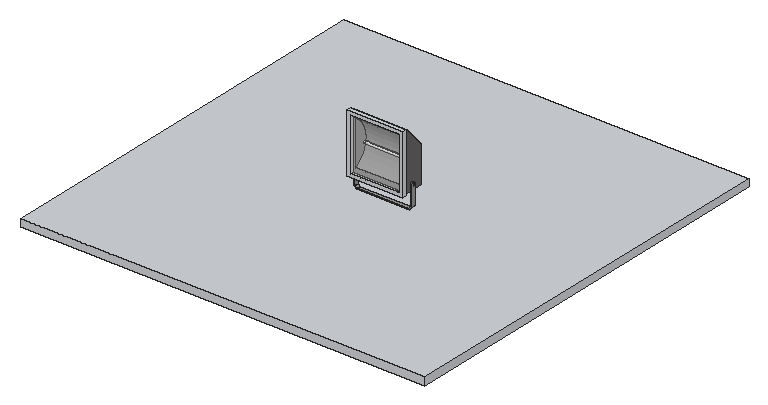
Revit family "844N070MS", category Lighting Fixtures, host Face, Revit 2014
Parameters (values of type "844N/070/MS")
  Wings = Paint - Hubbell - Light Silver
  Width = 150.00 mm
  Watts = 70 W
  Wattage Comments = "70W"
  Wattage = 70 W
  Warranty = "5 years Warranty"  # constant formula
  built-in parameter 1150110 = 1 (stored number, unit not read)
  Voltage = 120 V
  URL = "https://www.hubbell.com/chalmit/en"
  built-in parameter 1114217 = 1 (stored number, unit not read)
  Tilt Angle = -30.00°
  built-in parameter 1150109 = 1 (stored number, unit not read)
  built-in parameter 1150134 = 3
  built-in parameter 1150113 = 1 (stored number, unit not read)
  Reflector Finish = Hubbell - White Glass
  Product Link = "https://www.hubbell.com/chalmit/en/Products/Lighting-Controls/Harsh-Hazardous-Lighting/Flood-Lighting/800-Series/p/866085"
  Product Documentation Link = "https://hubbellcdn.com/specsheet/CHL_800_SERIES_FLOODLIGHT_ZONE2.pdf"
  Power Factor = 1
  Photometric Web File = "CHL_844N_070_MS HPS.ies"
  Pendent Height [instance] = 97.00 mm
  built-in parameter 1150142 = "IESNA:LM-63-1995\r\n[TEST]42/669-1/04.95\r\n[DATE]APR-95\r\n[MANUFAC]Chalmit Lighting\r\n[LUMCAT]844N/070/MS\r\n[LUMINAIRE]800 Series Asymmetric Wide Beam Floodlight\r\n[LAMP]70W SON-T\r\n[_ASYM]24\r\n[_LUMTYPE]Floodlight\r\n[_LAMPTYPE]HID\r\n[_LAMPMORE]Clear Tubular High Pressure Sodium, E27\r\n[_HAZRATING]Zone 2, Zone 22\r\n[_HAZPRO]Ex nR, ATEX, GB, GOST, CEPEL\r\n[_ENVIRORATING]IP66, IP67\r\n[_AMBIENT]-40Â°C to +40Â°C (T4)\r\n[_MOUNT]Surface, Ceiling, Wall, Stirrup\r\n[_KEYWORDS]Pole, Column, Mast, Wire Guard, Spigot, HPS\r\n[_DRAWFILE]844.dwg\r\n \r\n \r\n \r\nTILT=NONE\r\n1 5900 1 69 19 2 2 0.3 0.3 0.0\r\n1 1 84\r\n-90 -85 -80 -75 -70 -65 -60 -55 -50 -45 -40 -35 -30 -25 -20 -15 -10 -5 0 5 10\r\n 11 12 13 14 15 16 17 18 19 20 21 22 23 24 25 26 27 28 29 30 31 32 33 34 35 36\r\n 37 38 39 40 41 42 43 44 45 46 47 48 49 50 55 60 65 70 75 80 85 90\r\n0 5 10 15 20 25 30 35 40 45 50 55 60 65 70 75 80 85 90\r\n0 0 0 0 11.8 23.6 35.4 59 94.4 135.7 182.9 236 796.5 820.1 837.8 820.1 790.6\r\n 796.5 896.8 1103.3 1492.7 1593 1734.6 1846.7 1994.2 2171.2 2336.4 2513.4\r\n 2678.6 2861.5 3020.8 3174.2 3321.7 3416.1 3534.1 3604.9 3675.7 3734.7 3758.3\r\n 3770.1 3740.6 3717 3693.4 3669.8 3634.4 3587.2 3540 3463.3 3368.9 3280.4\r\n 3144.7 3038.5 2855.6 2672.7 2501.6 2289.2 2171.2 1976.5 1834.9 1681.5 1551.7\r\n 1044.3 772.9 542.8 53.1 23.6 11.8 5.9 0\r\n0 0 0 0 11.8 17.7 35.4 64.9 94.4 135.7 188.8 236 784.7 820.1 837.8 820.1 790.6\r\n 802.4 914.5 1150.5 1534 1640.2 1829 1941.1 2065 2259.7 2395.4 2613.7 2737.6\r\n 2932.3 3097.5 3215.5 3392.5 3469.2 3581.3 3640.3 3699.3 3752.4 3752.4 3758.3\r\n 3728.8 3711.1 3687.5 3658 3610.8 3557.7 3510.5 3433.8 3315.8 3215.5 3062.1\r\n 2967.7 2778.9 2590.1 2454.4 2212.5 2118.1 1911.6 1781.8 1634.3 1522.2 1032.5\r\n 761.1 536.9 53.1 23.6 11.8 5.9 0\r\n0 0 0 0 11.8 17.7 35.4 64.9 94.4 129.8 182.9 230.1 743.4 808.3 820.1 802.4\r\n 778.8 790.6 920.4 1162.3 1575.3 1716.9 1840.8 2011.9 2177.1 2324.6 2519.3\r\n 2678.6 2879.2 3014.9 3156.5 3333.5 3451.5 3551.8 3646.2 3699.3 3740.6 3764.2\r\n 3770.1 3758.3 3734.7 3705.2 3669.8 3640.3 3587.2 3516.4 3451.5 3363 3250.9\r\n 3121.1 3003.1 2832 2672.7 2483.9 2318.7 2159.4 1994.2 1834.9 1681.5 1557.6\r\n 1451.4 997.1 737.5 507.4 53.1 23.6 11.8 5.9 0\r\n0 0 0 0 11.8 17.7 35.4 59 88.5 123.9 171.1 218.3 672.6 790.6 802.4 790.6 767\r\n 778.8 908.6 1209.5 1675.6 1752.3 1947 2118.1 2289.2 2454.4 2660.9 2849.7\r\n 3014.9 3180.1 3333.5 3457.4 3575.4 3663.9 3728.8 3781.9 3805.5 3799.6 3787.8\r\n 3758.3 3722.9 3687.5 3646.2 3593.1 3534.1 3463.3 3368.9 3274.5 3132.9 2997.2\r\n 2879.2 2684.5 2507.5 2330.5 2183 2029.6 1864.4 1699.2 1569.4 1463.2 1386.5\r\n 961.7 713.9 454.3 47.2 23.6 11.8 5.9 0\r\n0 0 0 0 5.9 17.7 29.5 53.1 82.6 118 159.3 206.5 560.5 761.1 784.7 772.9 749.3\r\n 761.1 908.6 1239 1799.5 1941.1 2100.4 2295.1 2489.8 2684.5 2861.5 3073.9\r\n 3233.2 3380.7 3504.6 3658 3728.8 3781.9 3823.2 3858.6 3846.8 3829.1 3787.8\r\n 3740.6 3687.5 3646.2 3581.3 3516.4 3445.6 3351.2 3239.1 3103.4 2967.7 2832\r\n 2660.9 2472.1 2312.8 2141.7 1994.2 1846.7 1699.2 1569.4 1439.6 1368.8 1280.3\r\n 914.5 672.6 401.2 47.2 23.6 11.8 5.9 0\r\n0 0 0 0 5.9 17.7 29.5 47.2 76.7 106.2 141.6 188.8 383.5 708 737.5 737.5 719.8\r\n 737.5 902.7 1262.6 1917.5 2094.5 2242 2519.3 2666.8 2902.8 3085.7 3256.8\r\n 3392.5 3551.8 3663.9 3758.3 3817.3 3852.7 3858.6 3852.7 3811.4 3776 3717\r\n 3663.9 3604.9 3545.9 3475.1 3380.7 3280.4 3162.4 3009 2837.9 2714 2525.2\r\n 2365.9 2212.5 2047.3 1905.7 1775.9 1469.1 1522.2 1392.4 1315.7 1233.1 1156.4\r\n 855.5 631.3 318.6 41.3 23.6 11.8 5.9 0\r\n0 0 0 0 5.9 11.8 23.6 41.3 64.9 88.5 123.9 153.4 230.1 525.1 678.5 690.3 684.4\r\n 708 843.7 1215.4 1923.4 2106.3 2354.1 2584.2 2767.1 3009 3197.8 3345.3 3475.1\r\n 3587.2 3669.8 3728.8 3746.5 3776 3752.4 3711.1 3658 3599 3545.9 3481 3416.1\r\n 3351.2 3250.9 3127 3038.5 2826.1 2643.2 2525.2 2312.8 2159.4 2047.3 1882.1\r\n 1764.1 1722.8 1209.5 1427.8 1303.9 1250.8 1174.1 1091.5 1014.8 778.8 584.1\r\n 230.1 35.4 17.7 11.8 5.9 0\r\n0 0 0 0 5.9 11.8 17.7 35.4 53.1 70.8 100.3 123.9 147.5 218.3 619.5 649 666.7\r\n 702.1 826 1221.3 1994.2 2200.7 2436.7 2655 2879.2 3050.3 3215.5 3315.8 3416.1\r\n 3481 3534.1 3540 3540 3510.5 3481 3445.6 3386.6 3333.5 3268.6 3209.6 3121.1\r\n 2973.6 2837.9 2761.2 2560.6 2383.6 2259.7 2076.8 1923.4 1799.5 1675.6 1563.5\r\n 1480.9 1244.9 1262.6 1203.6 1132.8 1062 991.2 920.4 873.2 702.1 513.3 129.8\r\n 29.5 17.7 11.8 5.9 0\r\n0 0 0 0 0 5.9 17.7 23.6 41.3 59 70.8 94.4 106.2 118 501.5 566.4 625.4 649 708\r\n 1038.4 1852.6 2017.8 2253.8 2454.4 2607.8 2773 2908.7 2997.2 3073.9 3115.2\r\n 3144.7 3144.7 3138.8 3127 3115.2 3073.9 3026.7 2938.2 2843.8 2708.1 2566.5\r\n 2448.5 2324.6 2177.1 2047.3 1899.8 1770 1652 1557.6 1457.3 1374.7 1286.2 1180\r\n 1126.9 1062 997.1 932.2 873.2 820.1 790.6 761.1 572.3 401.2 41.3 23.6 17.7\r\n 11.8 5.9 0\r\n0 0 0 0 0 5.9 11.8 5.9 17.7 41.3 53.1 64.9 70.8 82.6 206.5 501.5 548.7 595.9\r\n 637.2 902.7 1587.1 1711 1911.6 2041.4 2165.3 2271.5 2342.3 2424.9 2472.1\r\n 2513.4 2548.8 2584.2 2601.9 2590.1 2548.8 2483.9 2401.3 2306.9 2188.9 2076.8\r\n 1964.7 1846.7 1734.6 1616.6 1504.5 1421.9 1345.2 1274.4 1197.7 1126.9 1044.3\r\n 1008.9 955.8 908.6 855.5 808.3 761.1 731.6 696.2 666.7 637.2 418.9 241.9 35.4\r\n 17.7 11.8 5.9 0 0\r\n0 0 0 0 0 0 5.9 11.8 23.6 29.5 41.3 41.3 47.2 53.1 64.9 289.1 460.2 495.6 531\r\n 749.3 1221.3 1339.3 1421.9 1522.2 1587.1 1652 1722.8 1758.2 1799.5 1840.8\r\n 1882.1 1893.9 1882.1 1870.3 1781.8 1722.8 1681.5 1598.9 1516.3 1445.5 1357\r\n 1280.3 1221.3 1180 1109.2 1038.4 979.4 914.5 902.7 855.5 808.3 761.1 725.7\r\n 702.1 672.6 643.1 619.5 590 560.5 495.6 324.5 283.2 70.8 29.5 17.7 11.8 5.9 0\r\n 0\r\n0 0 0 0 0 0 5.9 5.9 11.8 17.7 23.6 29.5 29.5 35.4 47.2 70.8 377.6 401.2 377.6\r\n 548.7 831.9 896.8 949.9 997.1 1038.4 1091.5 1103.3 1121 1144.6 1144.6 1121\r\n 1109.2 1132.8 1115.1 1079.7 1079.7 1044.3 997.1 955.8 920.4 873.2 867.3 831.9\r\n 784.7 737.5 719.8 696.2 666.7 643.1 625.4 619.5 590 560.5 531 507.4 477.9\r\n 436.6 359.9 289.1 218.3 147.5 141.6 35.4 23.6 11.8 11.8 5.9 0 0\r\n0 0 0 0 0 0 0 5.9 5.9 11.8 11.8 17.7 17.7 17.7 23.6 35.4 177 224.2 200.6 295\r\n 460.2 495.6 525.1 560.5 584.1 595.9 607.7 619.5 625.4 643.1 654.9 649 643.1\r\n 649 637.2 625.4 601.8 584.1 584.1 578.2 584.1 578.2 560.5 542.8 525.1 507.4\r\n 265.5 283.2 306.8 324.5 348.1 424.8 359.9 318.6 253.7 182.9 118 53.1 53.1 70.8\r\n 64.9 35.4 23.6 17.7 11.8 5.9 5.9 0 0\r\n0 0 0 0 0 0 0 0 0 5.9 5.9 5.9 5.9 11.8 11.8 17.7 23.6 53.1 59 100.3 212.4 230.1\r\n 241.9 253.7 265.5 271.4 283.2 289.1 289.1 295 306.8 324.5 330.4 336.3 354\r\n 371.7 401.2 224.2 247.8 277.3 300.9 330.4 324.5 295 224.2 147.5 76.7 70.8 64.9\r\n 236 171.1 106.2 47.2 35.4 35.4 35.4 35.4 29.5 23.6 23.6 23.6 17.7 17.7 11.8\r\n 5.9 5.9 5.9 0 0\r\n0 0 0 0 0 0 0 0 0 0 0 0 0 0 0 5.9 5.9 5.9 17.7 41.3 76.7 76.7 64.9 53.1 41.3\r\n 35.4 41.3 59 76.7 94.4 100.3 100.3 106.2 265.5 182.9 106.2 35.4 35.4 29.5 29.5\r\n 70.8 29.5 29.5 29.5 23.6 23.6 23.6 23.6 23.6 23.6 17.7 17.7 17.7 17.7 17.7\r\n 17.7 11.8 17.7 11.8 11.8 11.8 11.8 11.8 5.9 5.9 0 0 0 0\r\n0 0 0 0 0 0 0 0 0 0 0 0 0 0 0 0 0 0 11.8 11.8 11.8 5.9 5.9 5.9 5.9 5.9 5.9 5.9\r\n 5.9 5.9 5.9 11.8 5.9 5.9 5.9 5.9 5.9 5.9 5.9 5.9 5.9 5.9 11.8 5.9 5.9 5.9 5.9\r\n 5.9 5.9 5.9 5.9 5.9 5.9 5.9 5.9 5.9 5.9 5.9 5.9 5.9 5.9 5.9 5.9 5.9 0 0 0 0 0\r\n0 0 0 0 0 0 0 0 0 0 0 0 0 0 0 0 0 0 0 5.9 0 0 0 0 0 0 0 0 0 0 0 0 0 0 0 0 0 0 0\r\n 0 0 0 0 0 5.9 5.9 0 0 0 0 0 0 0 0 0 5.9 5.9 5.9 0 0 0 0 0 0 0 0 0 0 0\r\n0 0 0 0 0 0 0 0 0 0 0 0 0 0 0 0 0 0 0 0 0 0 0 0 0 0 0 0 0 0 0 0 0 0 0 0 0 0 0 0\r\n 0 0 0 0 0 0 0 0 0 0 0 0 0 0 0 0 0 0 0 0 0 0 0 0 0 0 0 0 0\r\n0 0 0 0 0 0 0 0 0 0 0 0 0 0 0 0 0 0 0 0 0 0 0 0 0 0 0 0 0 0 0 0 0 0 0 0 0 0 0 0\r\n 0 0 0 0 0 0 0 0 0 0 0 0 0 0 0 0 0 0 0 0 0 0 0 0 0 0 0 0 0\r\n\r\n"
  Mounting = Paint - Hubbell - Light Silver
  Model = "844N/070/MS"
  Manufacturer = "Chalmit"  # constant formula
  built-in parameter 1150105 = 557.04 (stored number, unit not read)
  Lumens = 7000 lm
  built-in parameter 1150115 = 1 (stored number, unit not read)
  Load Classification = Lighting
  built-in parameter 1150137 = (empty or 0)
  built-in parameter 1150139 = (empty or 0)
  Length = 348.00 mm
  built-in parameter 1150112 = 1 (stored number, unit not read)
  built-in parameter 1150114 = 1 (stored number, unit not read)
  Lamp = "LED"  # constant formula
  built-in parameter 1150132 = (empty or 0)
  built-in parameter 1150102 = (empty or 0)
  built-in parameter 1150107 = 3200 (stored number, unit not read)
  built-in parameter 1150138 = (empty or 0)
  built-in parameter 1150106 = 5.5704 (stored number, unit not read)
  IP Rating = "IP66/67"  # constant formula
  Housing Material = Paint - Hubbell - Textured Camera Black
  Glass = Hubbell - Glass
  Fixture distribution = "Direct"  # constant formula
  Features = "Photometrically superior\r\nasymmetric reflector\r\nMarine grade stainless steel body\r\nand toughened glass cover\r\nQuick release fasteners\r\nfor ease of relamping\r\nand maintenance\r\nSuspended cover front\r\nSuitable for low temperature\r\napplications (-40°C)\r\nStandard control gear for use\r\nwith IEC lamps"  # constant formula
  Emit from Rectangle Width = Length - 20.00 mm  # 328.00 mm
  Emit from Rectangle Length = 300.00 mm  # constant formula
  Emit Shape Visible in Rendering = no
  built-in parameter 1150104 = 9.2903 (stored number, unit not read)
  Height = 443.00 mm
  Dimming Lamp Color Temperature Shift = <None>
  Description = "The 800 series is a range of stainless steel asymmetrical floodlights. These floods are designed for optimum light output and efficiency to ensure the minimum number of luminaires is required.Its suitable for low temperature applications (-40°C).\r\n\r\nPhotometrically superior asymmetric reflector.\r\nMarine grade stainless steel body and toughened glass cover.\r\nSuspended cover front.\r\nStandard control gear for use with IEC lamps.\r\nThe 800 series is a premium range of stainless steel bodied asymmetrical beam floodlights suitable for tubular HPS and metal halide lamps from 70W to 400W and also 500W tungsten-halogen. Click the 'Contact Us' link above to get in touch with us and discuss how the 800 series range could work"  # constant formula
  Default Elevation = 1219.20 mm
  Copyright = " ©2020 Chalmit, a division of Hubbell Lighting, Inc"  # constant formula
  Contact = "https://www.hubbell.com/chalmit/en/contactUs"
  Connector Description = "Lighting Connector"  # constant formula
  Color Filter = 16777215
  built-in parameter 1114218 = 1 (stored number, unit not read)
  built-in parameter 1150133 = 10 (stored number, unit not read)
  Assembly Code = "D5020200"
  Apparent Load = Watts / Power Factor  # 70 VA
Reference planes
  plane 1 "Center (Front/Back)": y = 0
  plane 2: z = 14.125
  plane 3 "Center (Left/Right)": x = 0
  plane 4: z = 457.125
  plane 5: z = -150.375
  plane 6: y = 75
  plane 7: y = -75
  plane 8: x = 174
  plane 9: x = -174
Forms (mm)
  Extrusion 1, solid
    sketch origin (0, 0, 0) x (1, 0, 0) y (0, 1, 0)
      loop
        line (-1219.2, 1219.2) -> (-1219.2, -1219.2) -> (1219.2, -1219.2) -> (1219.2, 1219.2) -> (-1219.2, 1219.2)
    from 14.125 to -31.75
  Sweep 2, solid, material "Paint - Hubbell - Light Silver" <- "Mounting"
    path origin (0, 0, 0) x (1, 0, 0) y (0, 0, 1)
      loop
        line (-174, 154.125) -> (-174, 29.125) -> (-159, 14.125) -> (0, 14.125) -> (159, 14.125) -> (174, 29.125) -> (174, 154.125)
    profile origin (-174, 0, 91.625) x (0, -1, 0) y (1, 0, 0)
      loop
        line (0, 0) -> (10, 0) -> (10, 5) -> (-10, 5) -> (-10, 0) -> (0, 0)
  Extrusion 3, solid, material "Paint - Hubbell - Textured Camera Black" <- "Housing Material"
    sketch origin (0, 0, 0) x (0, -1, 0) y (0, 0, -1)
      loop
        line (50.655, -114.125) -> (-75, -114.125) -> (-75, -331.21) -> (30.655, -457.125) -> (50.655, -457.125) -> (50.655, -114.125)
    from -161.896 to 161.389
  Sweep 4, solid
    path origin (0, 0, 0) x (1, 0, 0) y (0, 0, 1)
      loop
        line (-161.896, 457.125) -> (-161.896, 114.125) -> (161.389, 114.125) -> (161.389, 457.125) -> (-161.896, 457.125)
    profile origin (-0.253, 0, 457.125) x (0, 0, 1) y (0, -1, 0)
      loop
        line (2.25, 45) -> (6.25, 45) -> (6.25, 69) -> (-13.75, 69) -> (-13.75, 45) -> (2.25, 45)
  Extrusion 5, void
    sketch origin (0, -2.5, 0) x (0, 1, 0) y (0, 0, 1)
      loop
        line (-58.155, 432.794) -> (-58.155, 151.456)
        arc (-58.155, 151.456) -> (23.752, 292.125) -> (-58.155, 432.794) r 161.747
    from -130.126 to 135.043
  Revolve 6, solid, material "Hubbell - White Glass" <- "Reflector Finish"
    sketch origin (0, 0, 0) x (1, 0, 0) y (0, 0, 1)
      loop
        line (135.043, 276.97) -> (135.043, 281.97)
        arc (135.043, 281.97) -> (132.543, 284.47) -> (130.043, 281.97) r 2.5
        arc (130.043, 281.97) -> (128.518, 280.446) -> (126.994, 281.97) r 1.524
        arc (126.994, 281.97) -> (125.958, 284.47) -> (123.458, 285.506) r 3.536
        line (123.458, 285.506) -> (-106.542, 285.506)
        arc (-106.542, 285.506) -> (-109.042, 284.47) -> (-110.077, 281.97) r 3.536
        arc (-110.077, 281.97) -> (-111.602, 280.446) -> (-113.126, 281.97) r 1.524
        arc (-113.126, 281.97) -> (-115.626, 284.47) -> (-118.126, 281.97) r 2.5
        line (-118.126, 281.97) -> (-118.126, 276.97) -> (135.043, 276.97)
      axis (135.043, 276.97) -> (-118.126, 276.97)
    angle from 0 to 360
  Extrusion 7, solid, material "Hubbell - Glass" <- "Glass"
    sketch origin (0, 0, 0) x (1, 0, 0) y (0, 0, 1)
      loop
        line (-148.146, 443.375) -> (-148.146, 127.875) -> (147.639, 127.875) -> (147.639, 443.375) -> (-148.146, 443.375)
    from 69.733 to 69
  Revolve 8, solid, material "Paint - Hubbell - Textured Camera Black" <- "Housing Material"
    sketch origin (0, 0, 150) x (1, 0, 0) y (0, 1, 0)
      loop
        line (161.389, 0) -> (169, 0) -> (169, 10.815)
        arc (169, 10.815) -> (168.602, 11.775) -> (167.642, 12.172) r 1.358
        line (167.642, 12.172) -> (161.389, 12.172) -> (161.389, 0)
      axis (169, 0) -> (161.389, 0)
    angle from 0 to 360
  Revolve 9, solid, material "Paint - Hubbell - Textured Camera Black" <- "Housing Material"
    sketch origin (0, 0, 150) x (-1, 0, 0) y (0, -1, 0)
      loop
        line (161.389, 0) -> (161.389, -12.172) -> (167.642, -12.172)
        arc (167.642, -12.172) -> (168.602, -11.775) -> (169, -10.815) r 1.358
        line (169, -10.815) -> (169, 0) -> (161.389, 0)
      axis (169, 0) -> (161.389, 0)
    angle from 0 to 360
  Revolve 10, solid, material "Paint - Hubbell - Light Silver" <- "Mounting"
    sketch origin (0, 0, 150) x (1, 0, 0) y (0, 1, 0)
      loop
        line (174, 0) -> (175.646, 0) -> (175.646, 4.121)
        arc (175.646, 4.121) -> (175.434, 4.632) -> (174.923, 4.844) r 0.723
        line (174.923, 4.844) -> (174, 4.844) -> (174, 0)
      axis (175.646, 0) -> (174, 0)
    angle from 0 to 360
  Revolve 11, solid, material "Paint - Hubbell - Light Silver" <- "Mounting"
    sketch origin (0, 0, 150) x (-1, 0, 0) y (0, -1, 0)
      loop
        line (174, 0) -> (174, -4.844) -> (174.923, -4.844)
        arc (174.923, -4.844) -> (175.434, -4.632) -> (175.646, -4.121) r 0.723
        line (175.646, -4.121) -> (175.646, 0) -> (174, 0)
      axis (175.646, 0) -> (174, 0)
    angle from 0 to 360
Cuts and joins
  Extrusion 5 cuts Extrusion 3
  joined: Extrusion 3, Revolve 8, Revolve 9
  joined: Sweep 2, Revolve 10
Dimensions and locks
  "Height": plane 2 to plane 4
  plane 2 to plane 5 = 164.50 mm
  "Length": plane 8 to plane 9
  equal spacing: plane 8, plane 3 "Center (Left/Right)", plane 9
  "Width": plane 6 to plane 7
  equal spacing: plane 6, plane 1 "Center (Front/Back)", plane 7
  aligned and locked: plane 2 to Extrusion 1
  aligned and locked: Extrusion 7 to Sweep 4  (x4)
Automatic sketch dimensions
  Extrusion 1 sketch curve to Extrusion 1 sketch curve = 2438.40 mm  (x2)
  Sweep 2 sketch curve to plane 9 = 0.00 mm
  Sweep 2 sketch curve to plane 2 = 0.00 mm
  Sweep 2 sketch curve to plane 3 "Center (Left/Right)" = 0.00 mm
  Sweep 2 sketch curve to plane 8 = 0.00 mm
  plane 9 to Sweep 2 sketch curve = 15.00 mm
  Sweep 2 sketch curve to plane 8 = 15.00 mm
  plane 2 to Sweep 2 sketch curve = 15.00 mm  (x2)
  Sweep 2 sketch curve to Sweep 2 sketch curve = 125.00 mm  (x2)
  Sweep 2 sketch curve to profile plane = 0.00 mm
  plane 1 "Center (Front/Back)" to Sweep 2 sketch curve = 0.00 mm
  Sweep 2 sketch curve to plane 1 "Center (Front/Back)" = 10.00 mm
  plane 1 "Center (Front/Back)" to Sweep 2 sketch curve = 10.00 mm
  Sweep 2 sketch curve to profile plane = 5.00 mm
  Extrusion 3 sketch curve to plane 6 = 0.00 mm
  Extrusion 3 sketch curve to plane 4 = 0.00 mm
  plane 1 "Center (Front/Back)" to Extrusion 3 sketch curve = 30.655 mm
  Extrusion 3 sketch curve to plane 7 = 24.345 mm
  Extrusion 3 sketch curve to plane 4 = 125.915 mm
  plane 2 to Extrusion 3 sketch curve = 100.00 mm
  Sweep 4 sketch curve to plane 4 = 0.00 mm
  plane 9 to Sweep 4 sketch curve = 12.104 mm
  Sweep 4 sketch curve to plane 8 = 12.611 mm
  plane 2 to Sweep 4 sketch curve = 100.00 mm
  profile plane to Sweep 4 sketch curve = 13.75 mm
  Sweep 4 sketch curve to profile plane = 2.25 mm
  Sweep 4 sketch curve to Sweep 4 sketch curve = 4.00 mm
  plane 1 "Center (Front/Back)" to Sweep 4 sketch curve = 45.00 mm
  Sweep 4 sketch curve to Sweep 4 sketch curve = 24.00 mm
  plane 7 to Extrusion 5 sketch curve = 65.496 mm
  Extrusion 5 sketch curve to plane 7 = 14.345 mm
  plane 2 to Extrusion 5 sketch curve = 137.331 mm
  Extrusion 5 sketch curve to Extrusion 5 sketch curve = 140.669 mm
  plane 9 to Revolve 6 sketch curve = 55.874 mm
  Revolve 6 sketch curve to Revolve 6 sketch curve = 2.50 mm  (x2)
  Revolve 6 sketch curve to Revolve 6 sketch curve = 1.524 mm
  Revolve 6 sketch curve to Revolve 6 sketch curve = 5.06 mm  (x2)
  Revolve 6 sketch curve to plane 8 = 50.542 mm
  Revolve 6 sketch curve to Revolve 6 sketch curve = 4.024 mm
  Revolve 6 sketch curve to plane 4 = 180.155 mm
  Revolve 6 sketch curve to Revolve 6 sketch curve = 5.00 mm  (x3)
  Revolve 6 sketch curve to Revolve 6 sketch curve = 3.536 mm
  Revolve 6 sketch curve to Revolve 6 sketch curve = 0.00 mm  (x3)
  Revolve 6 sketch curve to Revolve 6 sketch curve = 26.585 mm
  plane 9 to Extrusion 7 sketch curve = 25.854 mm
  Extrusion 7 sketch curve to plane 8 = 26.361 mm
  plane 2 to Extrusion 7 sketch curve = 113.75 mm
  Extrusion 7 sketch curve to plane 4 = 13.75 mm
  plane 1 "Center (Front/Back)" to Revolve 8 sketch curve = 0.00 mm  (x2)
  Revolve 8 sketch curve to plane 8 = 12.611 mm
  Revolve 8 sketch curve to plane 8 = 6.358 mm
  Revolve 8 sketch curve to plane 8 = 5.00 mm
  Revolve 8 sketch curve to Revolve 8 sketch curve = 10.815 mm
  Revolve 8 sketch curve to Revolve 8 sketch curve = 0.00 mm
  Revolve 8 sketch curve to Revolve 8 sketch curve = 75.00 mm
  plane 1 "Center (Front/Back)" to Revolve 9 sketch curve = 0.00 mm  (x2)
  plane 9 to Revolve 9 sketch curve = 12.611 mm
  plane 9 to Revolve 9 sketch curve = 6.358 mm
  plane 9 to Revolve 9 sketch curve = 5.00 mm
  Revolve 9 sketch curve to Revolve 9 sketch curve = 10.815 mm
  Revolve 9 sketch curve to Revolve 9 sketch curve = 0.00 mm
  Revolve 9 sketch curve to Revolve 9 sketch curve = 75.00 mm
  plane 1 "Center (Front/Back)" to Revolve 10 sketch curve = 0.00 mm  (x2)
  Revolve 10 sketch curve to plane 8 = 0.00 mm  (x2)
  plane 8 to Revolve 10 sketch curve = 0.923 mm
  Revolve 10 sketch curve to Revolve 10 sketch curve = 1.646 mm
  Revolve 10 sketch curve to Revolve 10 sketch curve = 4.121 mm
  Revolve 10 sketch curve to Revolve 10 sketch curve = 30.00 mm
  plane 1 "Center (Front/Back)" to Revolve 11 sketch curve = 0.00 mm  (x2)
  Revolve 11 sketch curve to plane 9 = 0.00 mm  (x2)
  Revolve 11 sketch curve to plane 9 = 0.923 mm
  Revolve 11 sketch curve to plane 9 = 1.646 mm
  Revolve 11 sketch curve to Revolve 11 sketch curve = 4.121 mm
  Revolve 11 sketch curve to Revolve 11 sketch curve = 30.00 mm
Connectors
  electrical at (0, 0, 19.125), driven by "Voltage", driven by "Apparent Load", driven by "Power Factor", driven by "Connector Description"
    settings: on Sweep 2, index 1, voltage 120 V, apparent load 70 VA, apparent load phase1 0 VA, apparent load phase2 0 VA, apparent load phase3 0 VA, power factor 1, load classification "Other", number of poles 1, system type 30, power factor state 1, is connector primary yes, connector utility no, sub classification motor no, connector description "Lighting Connector"
